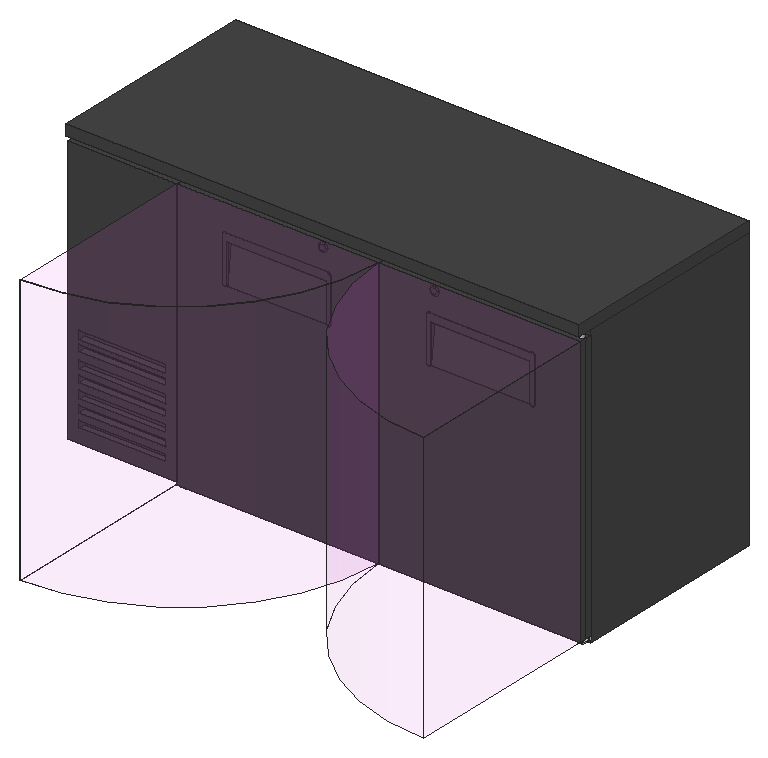
Revit family "QF_True_TBB24-60-2S-Z1-BST-B-1_Solid_Swing_Door_Back_Bar", category Specialty Equipment, Revit 2021 (continued)
Definition of nested family "Family3"
  Definition of nested family "5 INCHES 01_CASTER 2"
    Forms (in)
      Extrusion 6, solid, visible <- "Key Locks"
        sketch origin (-0.96875, 2.04726, -0.57589) x (0, 1, 0) y (0, 0, -1)
          loop
            arc (-1.38688, -2.89031) -> (-1.13602, -3.13035) -> (-0.79652, -3.20306) r 0.63657
            arc (-0.79652, -3.20306) -> (-0.67098, -3.20163) -> (-0.54633, -3.21661) r 0.9589
            line (-0.54633, -3.21661) -> (0.23309, -3.66661) -> (0.42979, -3.32592)
            arc (0.42979, -3.32592) -> (0.46473, -3.10362) -> (0.3415, -2.91533) r 0.313
            line (0.3415, -2.91533) -> (0.21087, -3.04595)
            arc (0.21087, -3.04595) -> (0.24081, -3.14321) -> (0.14284, -3.17074) r 0.07109
            line (0.14284, -3.17074) -> (-0.52795, -2.78336)
            arc (-0.52795, -2.78336) -> (-0.62217, -2.51108) -> (-0.36609, -2.37904) r 0.22
            arc (-0.36609, -2.37904) -> (-0.3435, -2.357) -> (-0.33862, -2.32583) r 0.05
            arc (-0.33862, -2.32583) -> (-0.50047, -2.10967) -> (-0.75504, -2.01961) r 0.46592
            line (-0.75504, -2.01961) -> (-1.49574, -2.01961)
            arc (-1.49574, -2.01961) -> (-1.57675, -2.00894) -> (-1.65224, -1.97767) r 0.313
            line (-1.65224, -1.97767) -> (-2.05389, -1.74578)
            arc (-2.05389, -1.74578) -> (-2.2914, -1.71451) -> (-2.48146, -1.86034) r 0.313
            line (-2.48146, -1.86034) -> (-2.58496, -2.03961)
        from 0 to 0.0625
      Extrusion 7, solid, visible <- "Key Locks"
        sketch origin (-0.96875, 2.04726, -0.57589) x (0, 1, 0) y (0, 0, -1)
          loop
            line (-0.45692, -2.6604) -> (0.47061, -3.19578)
            arc (0.47061, -3.19578) -> (0.44304, -3.03852) -> (0.3415, -2.91533) r 0.313
            line (0.3415, -2.91533) -> (-0.36656, -2.53415)
            arc (-0.36656, -2.53415) -> (-0.48136, -2.54745) -> (-0.45692, -2.6604) r 0.078
        from 0 to 0.5
      Extrusion 8, solid, visible <- "Key Locks"
        sketch origin (0.96875, 2.04726, -0.57589) x (0, 1, 0) y (0, 0, 1)
          loop
            line (-2.58496, 2.03961) -> (-2.48146, 1.86034)
            arc (-2.48146, 1.86034) -> (-2.2914, 1.71451) -> (-2.05389, 1.74578) r 0.313
            line (-2.05389, 1.74578) -> (-1.65224, 1.97767)
            arc (-1.65224, 1.97767) -> (-1.57675, 2.00894) -> (-1.49574, 2.01961) r 0.313
            line (-1.49574, 2.01961) -> (-0.75504, 2.01961)
            arc (-0.75504, 2.01961) -> (-0.50047, 2.10967) -> (-0.33862, 2.32583) r 0.46592
            arc (-0.33862, 2.32583) -> (-0.3435, 2.357) -> (-0.36609, 2.37904) r 0.05
            arc (-0.36609, 2.37904) -> (-0.62217, 2.51108) -> (-0.52795, 2.78336) r 0.22
            line (-0.52795, 2.78336) -> (0.14284, 3.17074)
            arc (0.14284, 3.17074) -> (0.24081, 3.14321) -> (0.21087, 3.04595) r 0.07109
            line (0.21087, 3.04595) -> (0.3415, 2.91533)
            arc (0.3415, 2.91533) -> (0.46473, 3.10362) -> (0.42979, 3.32592) r 0.313
            line (0.42979, 3.32592) -> (0.23309, 3.66661) -> (-0.54633, 3.21661)
            arc (-0.54633, 3.21661) -> (-0.67098, 3.20163) -> (-0.79652, 3.20306) r 0.9589
            arc (-0.79652, 3.20306) -> (-1.13602, 3.13035) -> (-1.38688, 2.89031) r 0.63657
            arc (-1.38688, 2.89031) -> (-1.45411, 2.76529) -> (-1.53273, 2.64711) r 1.51617
            line (-1.53273, 2.64711) -> (-1.89213, 2.43961) -> (-2.58496, 2.03961)
        from 0 to 0.0625
      Extrusion 9, solid, visible <- "Key Locks"
        sketch origin (0.96875, 2.04726, -0.57589) x (0, 1, 0) y (0, 0, 1)
          loop
            arc (-0.45692, 2.6604) -> (-0.48136, 2.54745) -> (-0.36656, 2.53415) r 0.078
            line (-0.36656, 2.53415) -> (0.3415, 2.91533)
            arc (0.3415, 2.91533) -> (0.44304, 3.03852) -> (0.47061, 3.19578) r 0.313
            line (0.47061, 3.19578) -> (-0.45692, 2.6604)
        from 0 to 0.5
    Cuts and joins
      joined: Extrusion 2, Extrusion 4, Extrusion 5
    Lines and regions (in)
      symbolic lines, visible <- "Show 5" Casters"
        curve 1: line (0.54262, 2.21348, 0) -> (1.50337, 1.65879, 0)
        curve 2: line (-1.45738, -1.25062, 0) -> (-0.70738, 0.04842, 0)
        curve 3: line (-0.49663, -1.80531, 0) -> (-1.45738, -1.25062, 0)
        curve 4: line (1.50337, 1.65879, 0) -> (0.75337, 0.35975, 0)
        curve 5: line (-0.20738, 0.91444, 0) -> (0.54262, 2.21348, 0)
        curve 6: line (0.25337, -0.50627, 0) -> (-0.49663, -1.80531, 0)
    Dimensions and locks (in)
      plane 4 "TOP" to level = 5"  (x2)
      aligned and locked: level to plane 1
  Definition of nested family "6 INCHES LEGS"
    Parameters (values of type "6 INCHES LEGS")
      Weight = ""
      URL Manufacturer = ""
      URL Cutsheet = ""
      URL = ""
      Type Mark [instance] = ""
      Status [instance] = ""
      Specification by User [instance] = ""
      Specification by Manufacturer = ""
      Show 6" Legs [instance] = yes
      Show Seismic Flanged [instance] = yes
      Serial Number = ""
      Seismic Rating = ""
      SMACNA No = ""
      Revision Code [instance] = ""
      Omniclass Number and Title = ""
      NAFEM Spec ID Number = ""
      Model = ""
      MasterSpec. = ""
      Manufacturer = ""
      Item Number [instance] = ""
      Installed By [instance] = ""
      Identify Quantity as Lot [instance] = yes
      Furnished By [instance] = ""
      Foodservice Equipment Identifier [instance] = yes
      Description = ""
      Default Elevation = 0"
      CSI MasterFormat = ""
      CSI Master Format = ""
      Assembly Code = ""
    Reference planes (in)
      plane 1: z = 0
      plane 2 "RIGHT": x = 0
      plane 3 "FRONT": y = 0
      plane 4 "TOP": z = 6
    Forms (in)
      Revolve 1, solid, visible <- "Show 6" Legs"
        sketch origin (11.12172, 0, 0) x (-1, 0, 0) y (0, 0, -1)
          loop
            line (11.12172, -6) -> (11.12172, 0) -> (10.62172, 0) -> (10.62172, -1.30261) -> (10.37172, -1.30261) -> (10.37172, -6) -> (11.12172, -6)
          axis (11.12172, 0) -> (11.12172, -6)
        angle from 0 to 360
      Extrusion 2, solid, visible <- "Show Seismic Flanged"
        sketch origin (0, 0, 0) x (1, 0, 0) y (0, 1, 0)
          loop
            circle (0, 0) r 1
        from 0 to 0.03125
    Dimensions and locks (in)
      plane 4 "TOP" to level = 6"  (x2)
      locked: Revolve 1 sketch curve to Revolve 1 sketch curve at 1.30261
      locked: Revolve 1 sketch curve to Revolve 1 sketch curve at 0.75
      aligned and locked: level to plane 1
  Definition of nested family "6 INCHES LEGS WITH FLANGED"
    Parameters (values of type "6 INCHES LEGS WITH FLANGED")
      Weight = ""
      URL Manufacturer = ""
      URL Cutsheet = ""
      URL = ""
      Type Mark [instance] = ""
      Status [instance] = ""
      Specification by User [instance] = ""
      Specification by Manufacturer = ""
      Show 6" Seismic Flanged [instance] = yes
      Serial Number = ""
      Seismic Rating = ""
      SMACNA No = ""
      Revision Code [instance] = ""
      Omniclass Number and Title = ""
      NAFEM Spec ID Number = ""
      Model = ""
      MasterSpec. = ""
      Manufacturer = ""
      Item Number [instance] = ""
      Installed By [instance] = ""
      Identify Quantity as Lot [instance] = yes
      Furnished By [instance] = ""
      Foodservice Equipment Identifier [instance] = yes
      Description = ""
      Default Elevation = 0"
      CSI MasterFormat = ""
      CSI Master Format = ""
      Assembly Code = ""
    Reference planes (in)
      plane 1: z = 0
      plane 2 "RIGHT": x = 0
      plane 3 "FRONT": y = 0
      plane 4 "TOP": z = 6
    Forms (in)
      Revolve 1, solid, visible <- "Show 6" Seismic Flanged"
        sketch origin (11.12172, 0, 0) x (-1, 0, 0) y (0, 0, -1)
          loop
            line (11.12172, -6) -> (11.12172, 0) -> (10.62172, 0) -> (10.62172, -1.30261) -> (10.37172, -1.30261) -> (10.37172, -6) -> (11.12172, -6)
          axis (11.12172, 0) -> (11.12172, -6)
        angle from 0 to 360
      Extrusion 2, solid, visible <- "Show 6" Seismic Flanged"
        sketch origin (0, 0, 0) x (1, 0, 0) y (0, 1, 0)
          loop
            circle (0, 0) r 1
        from 0 to 0.03125
    Dimensions and locks (in)
      plane 4 "TOP" to level = 6"  (x2)
      locked: Revolve 1 sketch curve to Revolve 1 sketch curve at 1.30261
      locked: Revolve 1 sketch curve to Revolve 1 sketch curve at 0.75
      aligned and locked: level to plane 1
